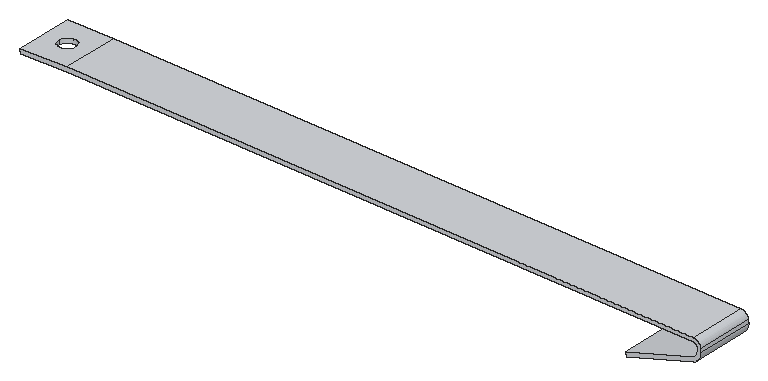
Revit family "beam clamp retaining strap-7250-10", category Pipe Accessories, Revit 2018
Family settings
  Round Connector Dimension = Use Diameter
  Part Type = Normal
  Work Plane-Based = No
  Always vertical = Yes
  Cut with Voids When Loaded = No
  Shared = No
Parameters (values of type "FNW7250Z0800")
  Weight [instance] = ""  # constant formula
  W = 0.950"  # constant formula
  URL = "http://www.fnw.com"
  T = 0.063"  # constant formula
  Show Sample Beam Clamp [instance] = no
  SSR = 0.125"  # constant formula
  SQH = 0.153"  # constant formula
  RD = 0.280"  # constant formula
  R1 = RD / 2  # 0.140"
  Product ID [instance] = ""
  Part Number [instance] = "FNW7250Z0800"
  Material = Zinc
  Threaded Rod Center = 1.000"  # constant formula
  Inside Beam Face [instance] = 0.630"  # constant formula
  Description BOM [instance] = "Beam Clamp Retaining Strap 10\""
  D = 0.750"  # constant formula
  C Half [instance] = Beam Clamp Height / 2  # 0.780"
  Beam Size = 10.000"  # constant formula
  Beam Clamp Height = 1.560"  # constant formula
  Beam thickness [instance] = 0.250"
  B = 1.220"  # constant formula
  A = 1.880"  # constant formula
Reference planes (in)
  plane 1 "Center (Front/Back)": y = 0
  plane 2: z = 0
  plane 3 "Center (Left/Right)": x = 0
  plane 4: x = -1
  plane 5: z = 1.56
  plane 6: x = -1.38
  plane 7: x = -0.63
  plane 8: z = 1.137
  plane 9: z = 0.387
  plane 10: z = 0.762
  plane 11: x = 0.34
  plane 12: y = 0.315
  plane 13: y = -0.315
  plane 14: y = 0.475
  plane 15: y = -0.475
  plane 16: z = 0.887
  plane 17: x = 9.37
Forms (in)
  Extrusion 1, solid, material "Glass", visible <- "Show Sample Beam Clamp"
    sketch origin (0, 0, 0) x (1, 0, 0) y (0, 0, 1)
      loop
        line (-1.38, 1.56) -> (-1.38, 0) -> (0.34, 0) -> (0.34, 0.387) -> (-0.63, 0.387) -> (-0.63, 1.137) -> (0.34, 1.137) -> (0.34, 1.56) -> (-1.38, 1.56)
    from -0.475 to 0.475
  Extrusion 2, void
    sketch origin (0, 0, 0) x (1, 0, 0) y (0, 1, 0)
      loop
        line (-0.63, 0.475) -> (0.02948, 0.44745)
        arc (0.02948, 0.44745) -> (0.44842, 0) -> (0.02948, -0.44745) r 0.44842
        line (0.02948, -0.44745) -> (-0.63, -0.475) -> (-0.63, -0.725) -> (1.06638, -0.725) -> (1.06638, 0) -> (1.06638, 0.725) -> (-0.63, 0.725) -> (-0.63, 0.475)
    from 0 to 1.81081
  Extrusion 3, void
    sketch origin (0, 0, 0) x (1, 0, 0) y (0, 1, 0)
      loop
        circle (-1, 0) r 0.14
    from 0 to 2.00406
  Extrusion 4, void
    sketch origin (0, 0, 0) x (1, 0, 0) y (0, 0, 1)
      loop
        line (0.85897, 1.44414) -> (0.85897, 1.7727) -> (-1.86912, 1.7727) -> (-1.86912, -0.08867) -> (-1.30007, -0.08867) -> (-1.30007, 0.387) -> (-1.44105, 0.46839) -> (-1.44105, 1.05561) -> (-1.30007, 1.137) -> (-1.30007, 1.56) -> (-0.62534, 1.56) -> (0.85897, 1.44414)
    from -0.3798 to 0.3798
  Revolve 5, solid, material "Glass", visible <- "Show Sample Beam Clamp"
    sketch origin (0, 0, 0) x (1, 0, 0) y (0, 0, 1)
      loop
        line (0, 0.5745) -> (-0.05343, 0.5745) -> (-0.125, 0.40775) -> (-0.125, -0.34209) -> (0, -0.34209) -> (0, 0.5745)
      axis (0, 0.5745) -> (0, -0.34209)
    angle from 0 to 360
  Extrusion 6, solid, material "Glass", visible <- "Show Sample Beam Clamp"
    sketch origin (0, 0, 0) x (1, 0, 0) y (0, 1, 0)
      loop
        line (-0.153, 0.153) -> (-0.153, -0.153) -> (0.153, -0.153) -> (0.153, 0.153) -> (-0.153, 0.153)
    from -0.50563 to -0.34209
  Revolve 7, void
    sketch origin (0, 0, 0) x (1, 0, 0) y (0, 0, 1)
      loop
        line (-1.45014, 0.762) -> (-1.18765, 0.762) -> (-1.18765, 0.902) -> (-1.45014, 0.902) -> (-1.45014, 0.762)
      axis (-1.18765, 0.762) -> (-1.45014, 0.762)
    angle from 0 to 360
  Sweep 8, solid
    path origin (0, 0, 0) x (1, 0, 0) y (0, 0, 1)
      loop
        line (-1.38, 1.61854) -> (-0.63, 1.61854) -> (9.50782, 1.26452)
        arc (9.50782, 1.26452) -> (9.56985, 1.23447) -> (9.59498, 1.17029) r 0.09452
        line (9.59498, 1.17029) -> (9.59498, 1.11284)
        arc (9.59498, 1.11284) -> (9.56689, 1.02889) -> (9.49393, 0.97874) r 0.1395
        line (9.49393, 0.97874) -> (8.41094, 0.6682)
    profile origin (-1.005, 0, 1.61854) x (0, 0, 1) y (0, -1, 0)
      loop
        line (0.0315, -0.475) -> (0.0315, 0.475) -> (-0.0315, 0.475) -> (-0.0315, -0.475) -> (0.0315, -0.475)
Cuts and joins
  Extrusion 2, Extrusion 3, Extrusion 4, Revolve 7 cuts Extrusion 1
  Extrusion 3 cuts Sweep 8
Lines and regions (in)
  reference lines
    curve 1: line (-1, 0, 1.56) -> (-1, 0, 0)
    curve 2: line (-1.38, 0, 0) -> (0.75, 0, 0)
    curve 3: line (9.37, 0, 1.56) -> (9.37, 0, -1.19)
    curve 4: line (0, 0, 3.06) -> (0, 0, -0.86039)
    curve 5: line (-1, 0, 2.9094) -> (-1, 0, -2.5906)
    curve 6: line (-1, 0, 1.56) -> (-4.75, 0, 1.56)
Dimensions and locks (in)
  "Beam Clamp Height": plane 5 to plane 2
  equal spacing: plane 8, plane 10, plane 9
  equal spacing: plane 13, plane 1 "Center (Front/Back)", plane 12
  "Inside Beam Face": plane 13 to plane 12
  "SSR": plane 3 "Center (Left/Right)" to Revolve 5 sketch curve
  "SQH": plane 1 "Center (Front/Back)" to Extrusion 6 sketch curve  (x2)
  "SQH": plane 3 "Center (Left/Right)" to Extrusion 6 sketch curve
  "SQH": Extrusion 6 sketch curve to plane 3 "Center (Left/Right)"
  "Threaded Rod Center": plane 3 "Center (Left/Right)" to plane 4
  "Inside Beam Face": plane 7 to plane 3 "Center (Left/Right)"
  "R1": Revolve 7 sketch curve to plane 10
  "Beam thickness": plane 8 to plane 16
  "Beam Size": plane 7 to plane 17
  equal spacing: Sweep 8 sketch curve, profile plane, Sweep 8 sketch curve
  "T": Sweep 8 sketch curve to Sweep 8 sketch curve
  equal spacing: plane 15, plane 1 "Center (Front/Back)", plane 14
  "W": plane 15 to plane 14
  "RD": diameter of Extrusion 3 sketch curve
  aligned and locked: plane 2 to level
  aligned and locked: Extrusion 1 sketch curve to plane 11
  aligned and locked: plane 5 to Extrusion 1 sketch curve
  aligned and locked: Extrusion 1 sketch curve to plane 6
  aligned and locked: Extrusion 1 to plane 15
  aligned and locked: Extrusion 1 to plane 14
  aligned and locked: curve 3 to plane 17
Automatic sketch dimensions
  plane 7 to Extrusion 1 sketch curve = 0.000"
  Extrusion 1 sketch curve to level = 0.000"
  Extrusion 1 sketch curve to plane 9 = 0.000"
  Extrusion 1 sketch curve to plane 8 = 0.000"
  plane 1 "Center (Front/Back)" to curve 2 = 0.000"
  curve 2 to plane 6 = 0.000"
  plane 11 to Extrusion 1 sketch curve = 0.000"
  plane 11 to curve 2 = 0.410"
  Extrusion 2 sketch curve to plane 7 = 0.000"  (x2)
  plane 3 "Center (Left/Right)" to Extrusion 2 sketch curve = 0.02948"  (x2)
  plane 1 "Center (Front/Back)" to Extrusion 2 sketch curve = 0.000"  (x2)
  Extrusion 2 sketch curve to plane 15 = 0.000"
  plane 14 to Extrusion 2 sketch curve = 0.000"
  Extrusion 2 sketch curve to plane 15 = 0.250"
  plane 11 to Extrusion 2 sketch curve = 0.72638"
  Extrusion 2 sketch curve to Extrusion 2 sketch curve = 0.250"
  plane 15 to Extrusion 2 sketch curve = 0.02755"
  Extrusion 2 sketch curve to plane 3 "Center (Left/Right)" = 0.000"
  Extrusion 4 sketch curve to plane 9 = 0.000"
  Extrusion 4 sketch curve to plane 5 = 0.000"
  Extrusion 4 sketch curve to plane 8 = 0.000"
  Extrusion 4 sketch curve to plane 5 = 0.2127"
  plane 6 to Extrusion 4 sketch curve = 0.06105"
  Extrusion 4 sketch curve to plane 6 = 0.07993"  (x2)
  Extrusion 4 sketch curve to plane 7 = 0.00466"
  plane 11 to Extrusion 4 sketch curve = 0.51897"
  plane 9 to Extrusion 4 sketch curve = 0.08139"
  Extrusion 4 sketch curve to plane 8 = 0.08139"
  plane 5 to Extrusion 4 sketch curve = 0.11586"
  Extrusion 4 sketch curve to level = 0.08867"
  plane 6 to Extrusion 4 sketch curve = 0.48912"
  curve 6 to plane 5 = 0.000"
  curve 1 to level = 0.000"
  curve 1 to plane 4 = 0.000"
  curve 5 to plane 4 = 0.000"
  curve 4 to plane 3 "Center (Left/Right)" = 0.000"
  curve 3 to plane 5 = 0.000"
  plane 6 to curve 6 = 3.370"
  curve 4 to level = 0.86039"
  curve 3 to level = 1.190"
  curve 5 to curve 4 = 1.73021"
  curve 1 to curve 5 = 1.3494"
  curve 5 to curve 4 = 0.1506"
  plane 6 to Sweep 8 sketch curve = 0.000"
  plane 7 to Sweep 8 sketch curve = 0.000"
  plane 9 to Sweep 8 sketch curve = 0.2812"
  plane 17 to Sweep 8 sketch curve = 0.08548"
  plane 10 to Sweep 8 sketch curve = 0.21674"
  plane 17 to Sweep 8 sketch curve = 0.12393"
  Sweep 8 sketch curve to Sweep 8 sketch curve = 0.04498"
  Sweep 8 sketch curve to Sweep 8 sketch curve = 0.09452"
  Sweep 8 sketch curve to plane 17 = 0.95906"
  Sweep 8 sketch curve to Sweep 8 sketch curve = 0.00736"
  plane 8 to Sweep 8 sketch curve = 0.12752"
  Sweep 8 sketch curve to plane 5 = 0.05854"
  plane 1 "Center (Front/Back)" to Extrusion 3 sketch curve = 0.000"
  Extrusion 3 sketch curve to plane 4 = 0.000"
  Revolve 5 sketch curve to plane 3 "Center (Left/Right)" = 0.000"  (x2)
  Revolve 5 sketch curve to Revolve 5 sketch curve = 0.05343"
  Revolve 5 sketch curve to level = 0.34209"
  plane 9 to Revolve 5 sketch curve = 0.02075"
  Revolve 5 sketch curve to Revolve 5 sketch curve = 0.16675"
  Revolve 5 sketch curve to Revolve 5 sketch curve = 1.02075"
  Revolve 5 sketch curve to Revolve 5 sketch curve = 0.0625"
  Revolve 7 sketch curve to plane 10 = 0.000"  (x2)
  plane 6 to Revolve 7 sketch curve = 0.07014"
  Revolve 7 sketch curve to plane 4 = 0.18765"
  Revolve 7 sketch curve to Revolve 7 sketch curve = 0.62202"
  plane 7 to Revolve 7 sketch curve = 0.04235"
  Sweep 8 sketch curve to plane 1 "Center (Front/Back)" = 0.475"
  plane 1 "Center (Front/Back)" to Sweep 8 sketch curve = 0.475"
